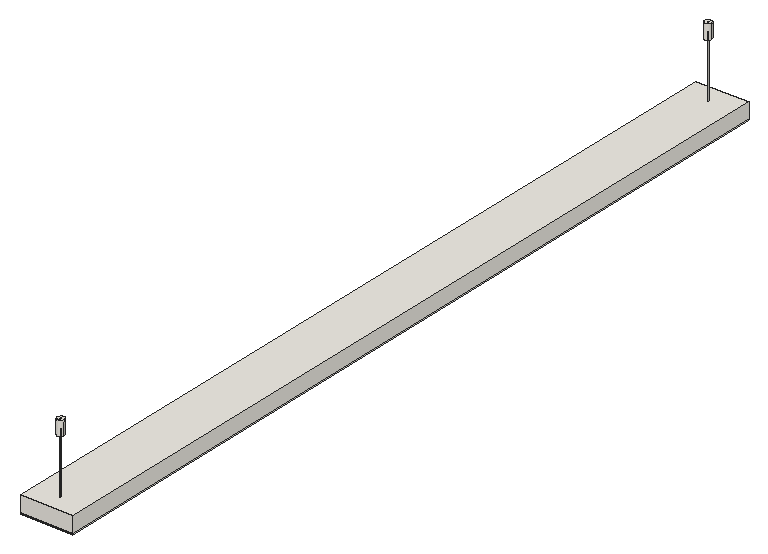
Revit family "ERA_LF_PR_SPO-5-40", category Осветительные приборы, Revit 2019
Family settings
  Размер круглого соединителя = Использовать диаметр
  Тип детали = Нормальный
  Номер OmniClass = 23.80.70.00
  Заголовок OmniClass = Lighting
  На основе рабочей плоскости = Нет
  Всегда вертикально = Да
  При загрузке вырезать с полостями = Нет
  Источник света = Да
  Общий = Нет
  Точка расчета площади = Да
Parameters (values of type "SPO-5-40-4K-M (F), LED, IP20, 1200х75х24 мм (ДхШхВ), 36 Вт, 4000 К, 3060 лм, класс защиты I, в комплекте (импульсный драйвер, поликарбонат)")
  built-in parameter 1150104 = 13.8 (stored number, unit not read)
  Чаша подвеса [instance] = yes
  built-in parameter 1150134 = 2
  Файл фотометрической сетки = "SPO-5-40-4K-M (F).ies"
  Угол наклона = 90.00°
  built-in parameter 1150142 = "IIESNA: LM-63-1995          \r\n[TEST]\r\n[DATA] 09.03.2017         \r\n[MANUFAC] ЭРА\r\n[LUMCAT] Светильник светодиодный\r\n[LUMINAIRE] SPO-5-40-4K-M (F)\r\n[LAMPCAT] Светодиоды         \r\n[LAMP] Светодиоды  \r\n[OTHER] YS07228GON-1800\r\n[MORE] Temprature:25,Humidity:40\r\n[More] Frequency:50.0 Voltage:220.1 Current:0.202 Power:36.4 PF:0.817\r\nTILT=NONE\r\n1 2422 1.000 181 7 1 2 1.200 0.075 0.025\r\n1.000 1.000 36.400\r\n0.0 1.0 2.0 3.0 4.0 5.0 6.0 7.0 8.0 9.0 10.0 11.0 12.0 13.0 14.0 15.0 16.0 17.0 18.0 19.0 20.0 21.0\r\n22.0 23.0 24.0 25.0 26.0 27.0 28.0 29.0 30.0 31.0 32.0 33.0 34.0 35.0 36.0 37.0 38.0 39.0 40.0 41.0 42.0 43.0\r\n44.0 45.0 46.0 47.0 48.0 49.0 50.0 51.0 52.0 53.0 54.0 55.0 56.0 57.0 58.0 59.0 60.0 61.0 62.0 63.0 64.0 65.0\r\n66.0 67.0 68.0 69.0 70.0 71.0 72.0 73.0 74.0 75.0 76.0 77.0 78.0 79.0 80.0 81.0 82.0 83.0 84.0 85.0 86.0 87.0\r\n88.0 89.0 90.0 91.0 92.0 93.0 94.0 95.0 96.0 97.0 98.0 99.0 100.0 101.0 102.0 103.0 104.0 105.0 106.0 107.0 108.0 109.0\r\n110.0 111.0 112.0 113.0 114.0 115.0 116.0 117.0 118.0 119.0 120.0 121.0 122.0 123.0 124.0 125.0 126.0 127.0 128.0 129.0 130.0 131.0\r\n132.0 133.0 134.0 135.0 136.0 137.0 138.0 139.0 140.0 141.0 142.0 143.0 144.0 145.0 146.0 147.0 148.0 149.0 150.0 151.0 152.0 153.0\r\n154.0 155.0 156.0 157.0 158.0 159.0 160.0 161.0 162.0 163.0 164.0 165.0 166.0 167.0 168.0 169.0 170.0 171.0 172.0 173.0 174.0 175.0\r\n176.0 177.0 178.0 179.0 180.0\r\n0.0 30.0 60.0 90.0 120.0 150.0 180.0\r\n822.585 851.202 851.215 853.860 850.668 849.682 848.516 843.642 845.108 839.508 836.738 834.475 834.408 826.119\r\n824.595 820.535 813.334 812.159 805.211 799.134 796.635 787.994 782.631 778.243 768.137 763.323 756.679 746.057\r\n743.108 732.522 722.923 718.173 704.294 697.755 691.131 677.337 672.780 662.225 648.373 643.360 627.975 618.014\r\n611.870 595.859 589.381 578.917 562.484 556.039 541.019 530.605 521.989 505.826 496.845 484.904 470.671 462.845\r\n449.769 436.785 428.807 414.685 404.836 396.540 382.124 372.879 362.756 347.955 341.865 328.857 315.836 309.553\r\n293.590 284.923 277.769 262.657 257.388 247.066 232.893 228.214 214.038 204.510 200.071 186.138 180.440 170.790\r\n159.441 154.546 145.102 135.185 130.220 121.502 111.730 108.427 99.098 89.927 87.184 76.301 71.519 69.684\r\n60.294 58.315 54.995 45.655 43.956 39.903 32.506 31.094 28.297 20.268 21.744 17.928 10.490 12.219\r\n6.531 2.468 4.575 0.000 0.000 0.000 0.000 0.000 0.000 0.000 0.000 0.000 0.000 0.000\r\n0.000 0.000 0.000 0.000 0.000 0.000 0.000 0.000 0.000 0.000 0.000 0.000 0.000 0.000\r\n0.000 0.000 0.000 0.000 0.000 0.000 0.000 0.000 0.000 0.000 0.000 0.000 0.000 0.000\r\n0.000 0.000 0.000 0.000 0.000 0.000 0.000 0.000 0.000 0.000 0.000 0.000 0.000 0.000\r\n0.000 0.000 0.000 0.000 0.000 0.000 0.000 0.000 0.000 0.000 0.000 0.000 0.000\r\n822.585 821.285 819.867 822.065 821.964 818.762 820.238 815.469 816.597 812.007 806.791 804.366 805.542 796.820\r\n797.621 790.808 784.286 784.937 776.257 771.707 769.312 759.662 754.974 749.968 740.122 735.971 729.577 718.775\r\n714.330 706.696 695.485 691.932 678.120 670.173 665.461 651.845 645.492 637.716 622.800 616.430 605.496 592.553\r\n585.753 574.043 561.140 554.351 541.377 527.954 520.692 504.384 493.619 486.381 469.593 461.487 451.614 434.752\r\n426.592 414.327 400.161 391.355 379.925 365.259 358.537 346.192 331.411 325.199 309.607 298.194 292.314 277.624\r\n267.967 260.458 246.741 236.449 228.985 216.842 206.479 200.139 185.645 180.508 172.347 158.481 153.506 144.423\r\n132.790 127.487 119.800 108.646 103.384 97.554 85.911 83.530 76.585 65.851 63.986 56.711 50.060 48.253\r\n43.024 36.140 36.404 31.330 23.994 25.203 17.603 13.030 14.550 7.990 5.707 6.332 1.275 0.000\r\n0.090 0.000 0.000 0.000 0.000 0.000 0.000 0.000 0.000 0.000 0.000 0.000 0.000 0.000\r\n0.000 0.000 0.000 0.000 0.000 0.000 0.000 0.000 0.000 0.000 0.000 0.000 0.000 0.000\r\n0.000 0.000 0.000 0.000 0.000 0.000 0.000 0.000 0.000 0.000 0.000 0.000 0.000 0.000\r\n0.000 0.000 0.000 0.000 0.000 0.000 0.000 0.000 0.000 0.000 0.000 0.000 0.000 0.000\r\n0.000 0.000 0.000 0.000 0.000 0.000 0.000 0.000 0.000 0.000 0.000 0.000 0.000\r\n822.585 820.093 819.147 821.626 816.810 819.046 813.479 810.777 808.568 805.893 807.366 799.475 795.875 796.641\r\n788.322 785.475 782.769 773.882 769.836 765.941 757.409 751.677 747.522 736.008 733.549 726.334 713.921 710.492\r\n700.342 690.284 685.609 675.020 664.224 658.415 648.278 636.375 630.319 619.375 605.844 600.426 585.632 576.566\r\n568.081 553.185 543.035 533.986 520.084 508.089 499.625 483.030 471.752 463.632 447.013 437.424 426.970 410.237\r\n399.593 387.937 371.224 361.307 351.505 335.788 326.763 315.245 297.671 288.622 274.162 259.580 250.001 237.209\r\n222.293 213.832 201.824 186.648 180.008 168.439 153.533 147.713 132.969 124.586 117.327 103.921 95.916 89.160\r\n77.369 70.809 64.189 52.776 48.618 42.720 32.469 31.567 24.713 17.316 18.336 9.781 10.618 8.450\r\n0.762 2.697 0.000 0.000 0.000 0.000 0.000 0.000 0.000 0.000 0.000 0.000 0.000 0.000\r\n0.000 0.000 0.000 0.000 0.000 0.000 0.000 0.000 0.000 0.000 0.000 0.000 0.000 0.000\r\n0.000 0.000 0.000 0.000 0.000 0.000 0.000 0.000 0.000 0.000 0.000 0.000 0.000 0.000\r\n0.000 0.000 0.000 0.000 0.000 0.000 0.000 0.000 0.000 0.000 0.000 0.000 0.000 0.000\r\n0.000 0.000 0.000 0.000 0.000 0.000 0.000 0.000 0.000 0.000 0.000 0.000 0.000 0.000\r\n0.000 0.000 0.000 0.000 0.000 0.000 0.000 0.000 0.000 0.000 0.000 0.000 0.000\r\n822.585 814.432 818.657 818.002 811.503 815.067 807.825 805.724 803.035 799.779 801.225 795.577 789.761 789.133\r\n779.628 779.938 774.098 764.181 763.638 752.687 746.367 744.385 732.208 728.999 722.889 709.814 707.034 695.137\r\n687.358 682.184 668.416 661.971 652.987 639.888 634.305 622.621 611.444 604.952 590.864 581.149 571.955 557.711\r\n549.210 538.087 523.863 516.959 502.692 489.586 480.848 463.740 454.238 443.791 427.078 419.714 405.721 389.795\r\n381.100 362.773 351.701 342.138 323.676 315.073 298.532 283.656 275.243 257.077 245.036 234.071 215.714 204.361\r\n191.090 174.259 163.700 149.713 133.814 123.698 109.650 94.561 85.989 68.675 57.741 50.239 34.674 28.388\r\n20.322 6.859 3.805 0.000 0.000 0.000 0.000 0.000 0.000 0.000 0.000 0.000 0.000 0.000\r\n0.000 0.000 0.000 0.000 0.000 0.000 0.000 0.000 0.000 0.000 0.000 0.000 0.000 0.000\r\n0.000 0.000 0.000 0.000 0.000 0.000 0.000 0.000 0.000 0.000 0.000 0.000 0.000 0.000\r\n0.000 0.000 0.000 0.000 0.000 0.000 0.000 0.000 0.000 0.000 0.000 0.000 0.000 0.000\r\n0.000 0.000 0.000 0.000 0.000 0.000 0.000 0.000 0.000 0.000 0.000 0.000 0.000 0.000\r\n0.000 0.000 0.000 0.000 0.000 0.000 0.000 0.000 0.000 0.000 0.000 0.000 0.000 0.000\r\n0.000 0.000 0.000 0.000 0.000 0.000 0.000 0.000 0.000 0.000 0.000 0.000 0.000\r\n822.585 818.347 813.374 814.668 814.134 812.013 809.737 804.349 804.268 801.043 799.560 791.402 789.420 787.792\r\n778.462 777.763 773.487 763.347 761.006 754.092 745.212 741.628 735.001 724.206 721.619 713.002 700.896 697.316\r\n685.953 676.178 671.416 659.996 649.805 643.215 631.653 620.480 614.119 602.078 589.489 582.892 567.368 559.633\r\n550.209 534.128 525.528 513.791 499.554 490.620 478.065 463.034 454.167 441.555 425.913 418.238 403.897 388.362\r\n380.094 362.040 352.700 341.442 324.203 316.890 301.572 286.700 278.549 262.509 250.423 240.580 223.938 213.606\r\n201.537 186.614 178.805 165.656 153.310 146.393 132.351 123.032 114.845 100.999 95.392 86.212 75.285 71.866\r\n61.108 53.542 49.266 38.245 35.039 30.121 20.937 20.832 13.587 8.950 9.818 1.921 4.602 2.062\r\n0.000 0.000 0.000 0.000 0.000 0.000 0.000 0.000 0.000 0.000 0.000 0.000 0.000 0.000\r\n0.000 0.000 0.000 0.000 0.000 0.000 0.000 0.000 0.000 0.000 0.000 0.000 0.000 0.000\r\n0.000 0.000 0.000 0.000 0.000 0.000 0.000 0.000 0.000 0.000 0.000 0.000 0.000 0.000\r\n0.000 0.000 0.000 0.000 0.000 0.000 0.000 0.000 0.000 0.000 0.000 0.000 0.000 0.000\r\n0.000 0.000 0.000 0.000 0.000 0.000 0.000 0.000 0.000 0.000 0.000 0.000 0.000 0.000\r\n0.000 0.000 0.000 0.000 0.000 0.000 0.000 0.000 0.000 0.000 0.000 0.000 0.000\r\n822.585 813.354 815.242 810.649 811.125 806.997 807.372 807.008 802.890 801.343 792.946 791.977 789.565 781.404\r\n781.887 773.875 767.627 766.782 758.017 752.322 749.346 740.176 733.086 729.110 719.609 711.810 707.375 694.675\r\n688.429 683.082 669.568 665.386 653.808 642.739 637.692 625.681 614.889 607.996 595.545 584.007 576.917 563.832\r\n552.263 544.312 528.146 521.266 510.234 493.913 486.549 472.353 458.562 451.110 436.563 424.193 415.252 400.732\r\n388.474 379.567 365.262 353.754 344.439 328.415 322.044 310.530 294.999 289.074 273.800 263.073 256.871 242.043\r\n234.956 226.499 211.589 205.800 194.653 182.882 178.768 166.544 158.154 151.645 140.036 134.253 126.511 116.061\r\n112.544 102.928 95.240 91.467 81.361 75.923 70.826 60.912 58.399 52.350 45.196 44.635 35.431 33.097\r\n32.344 23.778 25.825 21.505 14.945 16.722 7.480 5.531 7.538 0.000 3.120 1.150 0.000 0.000\r\n0.000 0.000 0.000 0.000 0.000 0.000 0.000 0.000 0.000 0.000 0.000 0.000 0.000 0.000\r\n0.000 0.000 0.000 0.000 0.000 0.000 0.000 0.000 0.000 0.000 0.000 0.000 0.000 0.000\r\n0.000 0.000 0.000 0.000 0.000 0.000 0.000 0.000 0.000 0.000 0.000 0.000 0.000 0.000\r\n0.000 0.000 0.000 0.000 0.000 0.000 0.000 0.000 0.000 0.000 0.000 0.000 0.000 0.000\r\n0.000 0.000 0.000 0.000 0.000 0.000 0.000 0.000 0.000 0.000 0.000 0.000 0.000\r\n822.585 813.385 811.787 814.043 808.629 811.007 804.245 802.387 799.333 796.580 797.881 790.892 786.049 786.464\r\n779.773 774.585 772.855 765.951 759.088 757.439 749.806 741.240 739.352 728.128 723.412 718.282 706.949 700.957\r\n694.401 683.714 675.942 669.848 656.500 649.106 643.418 628.910 623.597 614.592 599.605 593.394 581.730 568.736\r\n561.177 549.804 536.212 529.980 517.175 502.604 495.605 479.953 468.360 461.264 446.105 436.228 427.362 412.010\r\n402.221 392.618 376.848 368.647 360.699 346.398 340.351 329.560 314.519 308.628 294.688 283.430 277.931 264.363\r\n255.588 248.626 235.220 227.336 219.115 206.999 200.453 191.995 179.950 176.252 166.017 155.965 152.033 139.073\r\n133.790 129.646 117.412 115.476 107.846 96.547 95.159 83.439 77.558 75.856 65.064 64.402 56.322 50.094\r\n50.881 42.119 40.913 38.971 29.844 30.354 24.561 19.333 20.866 14.192 12.844 12.658 5.771 6.528\r\n3.718 0.000 1.164 0.000 0.000 0.000 0.000 0.000 0.000 0.000 0.000 0.000 0.000 0.000\r\n0.000 0.000 0.000 0.000 0.000 0.000 0.000 0.000 0.000 0.000 0.000 0.000 0.000 0.000\r\n0.000 0.000 0.000 0.000 0.000 0.000 0.000 0.000 0.000 0.000 0.000 0.000 0.000 0.000\r\n0.000 0.000 0.000 0.000 0.000 0.000 0.000 0.000 0.000 0.000 0.000 0.000 0.000 0.000\r\n0.000 0.000 0.000 0.000 0.000 0.000 0.000 0.000 0.000 0.000 0.000 0.000 0.000\r\n\r\n"
  Диаметр чаши подвеса = 10.00 mm
  Высота чаши подвеса = 20.00 mm
  _УГО_Ширина = if(_Корпус_Ширина / УГО_Масштаб < 1.00 mm, 1.00 mm, _Корпус_Ширина / УГО_Масштаб)  # 1.00 mm
  УГО_Масштаб = 100
  _УГО_Длина = if(_Корпус_Длина / УГО_Масштаб < 1.00 mm, 1.00 mm, _Корпус_Длина / УГО_Масштаб)  # 12.00 mm
  _УГО_Диаметр = if(_Корпус_Длина / УГО_Масштаб < 1.00 mm, 1.00 mm, _Корпус_Длина / УГО_Масштаб)  # 12.00 mm
  УГО_Видимость [instance] = not(УГО_Реальный размер)  # yes
  УГО_Аварийный [instance] = no
  Тип установки = "Подвесной"
  Степень защиты IP = "IP20"
  built-in parameter 1150137 = (empty or 0)
  built-in parameter 1150132 = 2
  built-in parameter 1150114 = 1 (stored number, unit not read)
  Dimming Lamp Color Temperature Shift = (empty or 0)
  built-in parameter 1150105 = 417.78 (stored number, unit not read)
  Color Filter = 16777215
  Lumens = 3060 lm
  Разработчик модели = "https://www.teslabim.ru"
  built-in parameter 1150109 = 1 (stored number, unit not read)
  built-in parameter 1150112 = 1 (stored number, unit not read)
  built-in parameter 1150110 = 1 (stored number, unit not read)
  built-in parameter 1150113 = 1 (stored number, unit not read)
  built-in parameter 1150115 = 1 (stored number, unit not read)
  built-in parameter 1114218 = 1 (stored number, unit not read)
  built-in parameter 1114217 = 1 (stored number, unit not read)
  built-in parameter 1150106 = 4.1778 (stored number, unit not read)
  Emit from Rectangle Width = _Корпус_Ширина  # 75.00 mm
  Emit from Rectangle Length = _Корпус_Длина  # 1200.00 mm
  _Корпус_Ширина = if(ADSK_Размер_Ширина < 1.00 mm, 1.00 mm, ADSK_Размер_Ширина)  # 75.00 mm
  _Корпус_Длина = if(ADSK_Размер_Длина < 1.00 mm, 1.00 mm, ADSK_Размер_Длина)  # 1200.00 mm
  built-in parameter 1150133 = 10 (stored number, unit not read)
  Wattage = 35.3435 W
  built-in parameter 1150139 = (empty or 0)
  built-in parameter 1114216 [instance] = 1 (stored number, unit not read)
  Цвет = Белый
  УГО_Реальный размер [instance] = no
  Description = ""
  Lamp = ""
  Комплект = "Импульсный драйвер, поликарбонат"
  Класс пожароопасности = "Нет"
  Класс защиты = "I"
  built-in parameter 1150138 = (empty or 0)
  built-in parameter 1150107 = 4000 (stored number, unit not read)
  built-in parameter 1150102 = (empty or 0)
  Источник света = "LED"
  Manufacturer = ""
  Длина подвеса [instance] = 100.00 mm
  Диаметр подвеса = 1.00 mm
  Геометрия изделия = "Прямоугольный"
  Видимая форма излучения при визуализации = no
  _УГО_Аварийный [instance] = if(УГО_Аварийный, "A", " ")  # " "
  _Корпус_Диаметр = if(ADSK_Размер_Диаметр < 1.00 mm, 1.00 mm, ADSK_Размер_Диаметр)  # 1.00 mm
  _Подвес_Расстояние = _Корпус_Длина - 50.00 mm  # 1150.00 mm
  _Подвес_Чаша_Высота = if(Высота чаши подвеса < 1.00 mm, 1.00 mm, Высота чаши подвеса)  # 20.00 mm
  _Подвес_Длина [instance] = if(Длина подвеса < 1.00 mm, 1.00 mm, Длина подвеса)  # 100.00 mm
  _Подвес_Чаша_Диаметр = if(Диаметр чаши подвеса < 1.00 mm, 1.00 mm, Диаметр чаши подвеса)  # 10.00 mm
  _Подвес_Диаметр = if(Диаметр подвеса < 1.00 mm, 1.00 mm, Диаметр подвеса)  # 1.00 mm
  _Корпус_Высота = if(ADSK_Размер_Высота < 1.00 mm, 1.00 mm, ADSK_Размер_Высота)  # 24.00 mm
  URL = "https://www.eraworld.ru/catalog/64233"
  ADSK_Размер_Ширина = 75.00 mm
  ADSK_Размер_Длина = 1200.00 mm
  ADSK_Размер_Диаметр = 0.00 mm
  ADSK_Примечание = "Импульсный драйвер, поликарбонат"
  ADSK_Полная мощность = ADSK_Номинальная мощность / ADSK_Коэффициент мощности  # 40 VA
  ADSK_Позиция = ""
  ADSK_Номинальная мощность = 36 W
  ADSK_Напряжение = 230 V
  ADSK_Наименование краткое = "Светильник"
  ADSK_Масса = 0.46
  ADSK_Марка = "SPO-5-40-4K-M (F)"
  ADSK_Коэффициент мощности = 0.9
  ADSK_Количество фаз = 1
  ADSK_Код изделия = ""
  ADSK_Классификация нагрузок = Освещение
  ADSK_Размер_Высота = 24.00 mm
  ADSK_Обозначение = ADSK_Марка  # "SPO-5-40-4K-M (F)"
  ADSK_Наименование = "Светильник, LED, прямоугольный, подвесной, IP20, 1200х75х24 мм (ДхШхВ), 36 Вт, 4000 К, 3060 лм, класс защиты I, в комплекте (импульсный драйвер, поликарбонат)"
  ADSK_Завод-изготовитель = "ЭРА"
  ADSK_Единица измерения = "шт."
Reference planes
  plane 1 "По центру (Вперед/Назад)": y = 0
  plane 2: z = 0
  plane 3 "По центру (Влево/Вправо)": x = 0
  plane 4 "ИС": z = -124
  plane 5 "H": z = -100
  plane 6 "П2": y = -575
  plane 7 "П1": y = 575
Dimensions and locks
  "_Подвес_Длина": plane 5 "H" to plane 2
  "ADSK_Размер_Высота": plane 4 "ИС" to plane 5 "H"
  equal spacing: plane 7 "П1", plane 1 "По центру (Вперед/Назад)", plane 6 "П2"
  "_Подвес_Расстояние": plane 7 "П1" to plane 6 "П2"
  aligned and locked: level to plane 2
  aligned and locked: imposter light to plane 4 "ИС"
  aligned and locked: nested 2 to plane 3 "По центру (Влево/Вправо)"
  aligned and locked: plane 1 "По центру (Вперед/Назад)" to nested 2
  aligned and locked: plane 3 "По центру (Влево/Вправо)" to nested 4
  aligned and locked: plane 3 "По центру (Влево/Вправо)" to nested 3
  aligned and locked: plane 6 "П2" to nested 4
  aligned and locked: plane 7 "П1" to nested 3
Nested families
  nested 1: "GA_УГО" at (0, 0, 0), visible <- "УГО_Видимость", Аварийный <- "УГО_Аварийный", type "Прямоугольник", detail levels coarse+medium
    with Аварийный no, Ширина 1.00 mm, Длина 12.00 mm
  nested 2: "GM_ОП_Пр_Корпус" at (0, 0, -100) x (-1, 0, 0) z (0, 0, -1), type "GM_ОП_Пр_Корпус"
    with Рассеиватель_Высота 1.20 mm, Корпус_Ширина 75.00 mm, Корпус_Длина 1200.00 mm, Корпус_Высота 24.00 mm, Кант_Ширина 3.75 mm
  nested 3: "GM_Подвес" at (0, 575, 0), type "GM_Подвес"
    with Чаша yes, Диаметр чаши подвеса 10.00 mm, Высота чаши подвеса 20.00 mm
  nested 4: "GM_Подвес" at (0, -575, 0), type "GM_Подвес"
    with Чаша yes, Диаметр чаши подвеса 10.00 mm, Высота чаши подвеса 20.00 mm
Connectors
  electrical at (0, 0, 0), driven by "ADSK_Коэффициент мощности", driven by "ADSK_Количество фаз", driven by "ADSK_Классификация нагрузок", driven by "ADSK_Напряжение", driven by "ADSK_Полная мощность"
    settings: index 1, voltage 230 V, apparent load 40 VA, apparent load phase1 0 VA, apparent load phase2 0 VA, apparent load phase3 0 VA, power factor 0.9, load classification "Освещение", number of poles 1, system type 30, power factor state 1, is connector primary yes, connector utility no, sub classification motor no, connector description ""
Definition of nested family "GM_ОП_Пр_Корпус"
  Parameters (values of type "GM_ОП_Пр_Корпус")
    Рассеиватель_Высота = Корпус_Высота * 0.05  # 1.15 mm
    Корпус_Ширина = 60.00 mm
    Цвет = none
    Реальный размер = no
    Default Elevation = 1000.00 mm
    Корпус_Длина = 600.00 mm
    Корпус_Высота = 23.00 mm
    Кант_Ширина = Корпус_Ширина * 0.05  # 3.00 mm
  Reference planes
    plane 1 "По центру (Вперед/Назад)": y = 0
    plane 2: z = 0
    plane 3 "По центру (Влево/Вправо)": x = 0
    plane 4 "Ш1": x = 30
    plane 5 "Ш2": x = -30
    plane 6 "Д1": y = 300
    plane 7 "Д2": y = -300
    plane 8 "В": z = 23
    plane 9 "Р": z = 21.85
  Forms (mm)
    Extrusion 1, solid, material <- "Цвет", detail levels fine
      sketch origin (0, 0, 0) x (1, 0, 0) y (0, 1, 0)
        loop
          line (30, -300) -> (30, 300) -> (-30, 300) -> (-30, -300) -> (30, -300)
      from 0 to 21.85
    Extrusion 2, solid, visible <- "Реальный размер", detail levels coarse+medium
      sketch origin (0, 0, 0) x (1, 0, 0) y (0, 1, 0)
        loop
          line (-30, 300) -> (-30, -300) -> (30, -300) -> (30, 300) -> (-30, 300)
      from 0 to 23 <- "Корпус_Высота"
  Dimensions and locks
    equal spacing: plane 5 "Ш2", plane 3 "По центру (Влево/Вправо)", plane 4 "Ш1"
    "Корпус_Ширина": plane 5 "Ш2" to plane 4 "Ш1"
    equal spacing: plane 6 "Д1", plane 1 "По центру (Вперед/Назад)", plane 7 "Д2"
    "Корпус_Длина": plane 6 "Д1" to plane 7 "Д2"
    "Корпус_Высота": plane 2 to plane 8 "В"
    "Рассеиватель_Высота": plane 9 "Р" to plane 8 "В"
    aligned and locked: level to plane 2
    aligned and locked: Extrusion 1 to plane 5 "Ш2"
    aligned and locked: Extrusion 1 to plane 4 "Ш1"
    aligned and locked: Extrusion 1 to plane 6 "Д1"
    aligned and locked: plane 7 "Д2" to Extrusion 1
    aligned and locked: plane 6 "Д1" to Extrusion 2 sketch curve
    aligned and locked: Extrusion 2 sketch curve to plane 7 "Д2"
    aligned and locked: Extrusion 2 sketch curve to plane 5 "Ш2"
    aligned and locked: Extrusion 2 sketch curve to plane 4 "Ш1"
    aligned and locked: Extrusion 1 to plane 2
    aligned and locked: Extrusion 2 to plane 2
    aligned and locked: nested 1 to plane 8 "В"
    aligned and locked: plane 3 "По центру (Влево/Вправо)" to nested 1
    aligned and locked: plane 1 "По центру (Вперед/Назад)" to nested 1
    aligned and locked: Extrusion 1 to plane 9 "Р"
  Automatic sketch dimensions
    Extrusion 1 sketch curve to plane 5 "Ш2" = 0.00 mm
    Extrusion 1 sketch curve to plane 4 "Ш1" = 0.00 mm
    plane 7 "Д2" to Extrusion 1 sketch curve = 0.00 mm
    plane 6 "Д1" to Extrusion 1 sketch curve = 0.00 mm
  Nested families
    nested 1: "GM_ОП_Пр_Рассеиватель" at (0, 0, 21.85), type "GM_ОП_Пр_Рассеиватель"
      with Корпус_Ширина 60.00 mm, Корпус_Длина 600.00 mm, Корпус_Высота 1.15 mm
  Definition of nested family "GM_ОП_Пр_Рассеиватель"
    Parameters (values of type "GM_ОП_Пр_Рассеиватель")
      Корпус_Ширина = 80.00 mm
      Цвет = none
      Default Elevation = 1000.00 mm
      Корпус_Длина = 100.00 mm
      Корпус_Высота = 1.30 mm
      Кант_Ширина = 5.00 mm
    Reference planes
      plane 1 "По центру (Вперед/Назад)": y = 0
      plane 2: z = 0
      plane 3 "По центру (Влево/Вправо)": x = 0
      plane 4 "Ш1": x = 40
      plane 5 "Ш2": x = -40
      plane 6 "Д1": y = 50
      plane 7 "Д2": y = -50
    Forms (mm)
      Extrusion 1, solid, material <- "Цвет", detail levels fine
        sketch origin (0, 0, 0) x (1, 0, 0) y (0, 1, 0)
          loop
            line (40, -50) -> (40, 50) -> (-40, 50) -> (-40, -50) -> (40, -50)
          loop
            line (-35, 45) -> (-35, -45) -> (35, -45) -> (35, 45) -> (-35, 45)
        from 0 to 1.3 <- "Корпус_Высота"
      Extrusion 2, solid, detail levels fine
        sketch origin (20, -32.684, 0) x (1, 0, 0) y (0, 1, 0)
          loop
            line (-55, 77.684) -> (-55, -12.316) -> (15, -12.316) -> (15, 77.684) -> (-55, 77.684)
        from 0 to 1.3 <- "Корпус_Высота"
    Dimensions and locks
      equal spacing: plane 5 "Ш2", plane 3 "По центру (Влево/Вправо)", plane 4 "Ш1"
      "Корпус_Ширина": plane 5 "Ш2" to plane 4 "Ш1"
      equal spacing: plane 6 "Д1", plane 1 "По центру (Вперед/Назад)", plane 7 "Д2"
      "Корпус_Длина": plane 6 "Д1" to plane 7 "Д2"
      "Кант_Ширина": plane 5 "Ш2" to Extrusion 2 sketch curve
      "Кант_Ширина": Extrusion 2 sketch curve to plane 4 "Ш1"
      "Кант_Ширина": plane 6 "Д1" to Extrusion 2 sketch curve
      "Кант_Ширина": plane 7 "Д2" to Extrusion 2 sketch curve
      aligned and locked: level to plane 2
      aligned and locked: plane 5 "Ш2" to Extrusion 1
      aligned and locked: Extrusion 1 to plane 4 "Ш1"
      aligned and locked: Extrusion 1 to plane 6 "Д1"
      aligned and locked: plane 7 "Д2" to Extrusion 1
      aligned and locked: Extrusion 1 to plane 2
      aligned and locked: Extrusion 1 sketch curve to Extrusion 2  (x4)
    Automatic sketch dimensions
      Extrusion 1 sketch curve to plane 5 "Ш2" = 0.00 mm
      Extrusion 1 sketch curve to plane 4 "Ш1" = 0.00 mm
      plane 7 "Д2" to Extrusion 1 sketch curve = 0.00 mm
      plane 6 "Д1" to Extrusion 1 sketch curve = 0.00 mm
Definition of nested family "GM_Подвес"
  Parameters (values of type "GM_Подвес")
    Чаша = no
    Цвет = none
    Реальный размер = no
    Default Elevation = 1000.00 mm
    Длина подвеса = 100.00 mm
    Диаметр чаши подвеса = 25.00 mm
    Диаметр подвеса = 1.00 mm
    Высота чаши подвеса = 50.00 mm
  Reference planes
    plane 1 "По центру (Вперед/Назад)": y = 0
    plane 2: z = 0
    plane 3 "По центру (Влево/Вправо)": x = 0
    plane 4 "П": z = -100
    plane 5 "Ч": z = -50
  Forms (mm)
    Extrusion 1, solid, material <- "Цвет", detail levels fine
      sketch origin (0, 0, 0) x (1, 0, 0) y (0, 1, 0)
        loop
          circle (0, 0) r 0.5
      from 0 to -100
    Extrusion 2, solid, material <- "Цвет", visible <- "Чаша", detail levels fine
      sketch origin (0, 0, 0) x (1, 0, 0) y (0, 1, 0)
        loop
          circle (0, 0) r 12.5
      from 0 to -50
  Lines and regions (mm)
    model lines, visible <- "Реальный размер", detail levels coarse+medium
      curve 1: line (0, 0, -100) -> (0, 0, 0)
  Dimensions and locks
    "Длина подвеса": plane 4 "П" to plane 2
    "Высота чаши подвеса": plane 5 "Ч" to plane 2
    "Диаметр чаши подвеса": diameter of Extrusion 2 sketch curve
    "Диаметр подвеса": diameter of Extrusion 1 sketch curve
    aligned and locked: level to plane 2
    aligned and locked: plane 4 "П" to Extrusion 1
    aligned and locked: plane 2 to Extrusion 1
    aligned and locked: level to curve 1
    aligned and locked: curve 1 to plane 4 "П"
    aligned and locked: curve 1 to plane 3 "По центру (Влево/Вправо)"
    aligned and locked: plane 5 "Ч" to Extrusion 2
  Automatic sketch dimensions
    plane 1 "По центру (Вперед/Назад)" to Extrusion 1 sketch curve = 0.00 mm
    Extrusion 1 sketch curve to plane 3 "По центру (Влево/Вправо)" = 0.00 mm
    plane 1 "По центру (Вперед/Назад)" to Extrusion 2 sketch curve = 0.00 mm
    Extrusion 2 sketch curve to plane 3 "По центру (Влево/Вправо)" = 0.00 mm
Definition of nested family "GA_УГО"
  Parameters (values of type "Прямоугольник")
    Ширина = 10.00 mm
    Прямоугольник = yes
    Круг = no
    Длина = 10.00 mm
    Диаметр = 10.00 mm
    Аварийный [instance] = yes
  Types (3, lengths in mm): name | Прямоугольник | Круг | Аварийный
    Круг | no | yes | yes
    Прямоугольник | yes | no | yes
    Нет | no | no | no
  Reference planes
    plane 1: y = 0
    plane 2: x = 0
  Lines and regions (mm)
    detail lines, visible <- "Круг"
      curve 1: circle (0, 0, 0) r 5 normal (0, 0, 1)
    detail lines, visible <- "Прямоугольник"
      curve 2: line (-5, -5, 0) -> (5, -5, 0)
      curve 3: line (-5, 5, 0) -> (-5, -5, 0)
      curve 4: line (5, 5, 0) -> (-5, 5, 0)
      curve 5: line (5, -5, 0) -> (5, 5, 0)
  Text (mm)
    text "А" at (-0.656, 1.428, 0), visible <- "Аварийный"
  Dimensions and locks
    equal spacing: curve 3, plane 2, curve 5
    equal spacing: curve 2, plane 1, curve 4
    "Ширина": curve 3 to curve 5
    "Длина": curve 2 to curve 4
    "Диаметр": diameter of curve 1
    aligned and locked: plane 2 to curve 1
    aligned and locked: plane 1 to curve 1
